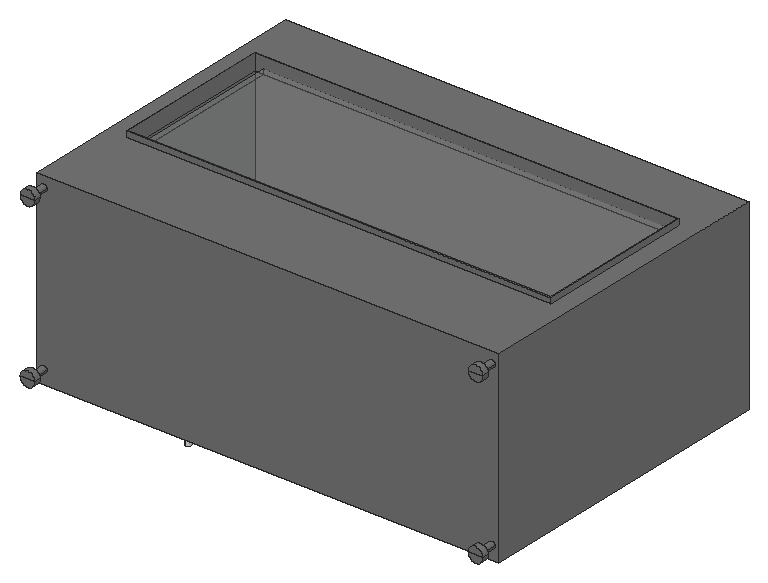
Revit family "Fireplace-Gas-Regency-City_Series_New_York_View-CV40E", category Mechanical Equipment, host Face, Revit 2026
Family settings
  Host = Face
  Round Connector Dimension = Use Diameter
  Part Type = Normal
  Classification Number = 23.40.20.34.14
  Cut with Voids When Loaded = Yes
  Maintain Annotation Orientation = No
  Shared = No
  Room Calculation Point = No
Parameters (values of type "40" Direct Vent - LP")
  Wire - 90' Cable [instance] = no
  Wire - 45' Cable [instance] = no
  Wire Harness [instance] = if(Direct Vent, "Not Required for Direct Vent", if(and([Wire - 45' Cable], [Wire - 90' Cable]), "Please Select ONE Option", if(and([Wire - 45' Cable], Power Vent), "911-250/P", if(and([Wire - 90' Cable], Power Vent), "911-251/P", "Please Select Wire Harness - REQUIRED"))))  # "Not Required for Direct Vent"
  Width = if(or(Constraints = 401, Constraints = 402, Constraints = 403, Constraints = 404), 3' 10 1/4", 6' 5 3/8")  # 3' - 10 1/4"
  Warranty URL = "https://www.regency-fire.com/en/Customer-Care/Lifetime-Warranty"
  Voltage = 120 V
  Video Link = "https://www.youtube.com/channel/UCN9QYb9SE_CXhxG_SYRAdrw"
  Version = "2017 - v1.0a"  # constant formula
  Vent Type [instance] = if(Power Vent, "Power Vent", "Direct Vent")  # "Direct Vent"
  Vent Connector Description = if(CV40E, "4” Inner / 6-5/8” Outer", "5” Inner / 8” Outer")  # "4” Inner / 6-5/8” Outer"
  Vent Centerline Height [instance] = if(or(Constraints = 401, Constraints = 402, Constraints = 403, Constraints = 404), 4' 8 1/4", 4' 7 1/4")  # 4' - 8 1/4"
  URL = "https://www.regency-fire.com/en/default.aspx"
  TV Wiring Kit (Optional) [instance] = if(TV Kit, "656-924", "OPTIONAL - None Selected")  # "OPTIONAL - None Selected"
  TV Kit [instance] = no
  Support Phone = "(224) 699-9545"  # constant formula
  Support Email = "mailto:support@anguleris.com"
  Supply Air Connection Diameter = if(CV40E, 6 5/8", 8")  # 6 5/8"
  Room Size = "Medium"  # constant formula
  Product Size = "Medium"  # constant formula
  Product Page URL = "https://www.regency-fire.com/en/Products/Gas/Designer-Gas-Fireplaces/CV40E"
  Product Name = "Regency® City Series™ New York View Gas Fireplace"  # constant formula
  Product Documentation Link = "https://assets.regency-fire.com/getattachment/305c765d-33b8-4a03-bf70-79ae824c99b0/CV40E-11-English-Manual.aspx"
  Power Vent [instance] = not(Direct Vent)  # no
  Power Factor = 0
  Phase = 1
  Performance URL = "https://www.regency-fire.com/en/Professionals/Specification-Matrices"
  Opening Width = if(or(Constraints = 401, Constraints = 402, Constraints = 403, Constraints = 404), 3' 4", 6' 0 1/8")  # 3' - 4"
  Opening Height = 1' - 3 1/16"  # constant formula
  Front Inset [instance] = 0' - 4"
  Number of Poles = 1
  Model = if(Constraints = 401, "CV40E-LP11", if(Constraints = 402, "CV40E-NG11", if(Constraints = 403, "CV40EPV-LP11", if(Constraints = 404, "CV40EPV-NG11", if(Constraints = 721, "CV72E-LP11", if(Constraints = 722, "CV72E-NG11", if(Constraints = 723, "CV72EPV-LP11", if(Constraints = 724, "CV72EPV-NG11", "Not Available"))))))))  # "CV40E-LP11"
  Minimum BTU = if(CV40E, 15500.0 Btu/h, if(or(Constraints = 721, Constraints = 723), 36000.0 Btu/h, 32000.0 Btu/h))  # 15500.0 Btu/h
  Min. Height Chase Enclosure [instance] = if(or(Constraints = 401, Constraints = 402, Constraints = 403, Constraints = 404), 5' 3", 7' 3")  # 5' - 3"
  Media - Stones, Ivory/Tan [instance] = no
  Media - Stones, Black/Gray [instance] = no
  Media - Glass, Iceberg [instance] = no
  Media - Glass, Coal [instance] = no
  Media (Optional) [instance] = if(and([Media - Glass, Coal], [Media - Glass, Iceberg], [Media - Stones, Black/Gray], [Media - Stones, Ivory/Tan]), "946-780 | 946-781 | 946-710 | 946-711", if(and([Media - Glass, Coal], [Media - Glass, Iceberg], [Media - Stones, Black/Gray]), "946-780 | 946-781 | 946-710", if(and([Media - Glass, Coal], [Media - Glass, Iceberg], [Media - Stones, Ivory/Tan]), "946-780 | 946-781 | 946-711", if(and([Media - Glass, Iceberg], [Media - Stones, Black/Gray], [Media - Stones, Ivory/Tan]), "946-781 | 946-710 | 946-711", if(and([Media - Glass, Coal], [Media - Stones, Black/Gray], [Media - Stones, Ivory/Tan]), "946-780 | 946-710 | 946-711", if(and([Media - Glass, Coal], [Media - Glass, Iceberg]), "946-780 | 946-781", if(and([Media - Glass, Coal], [Media - Stones, Black/Gray]), "946-780 | 946-710", if(and([Media - Glass, Coal], [Media - Stones, Ivory/Tan]), "946-780 | 946-711", if(and([Media - Glass, Iceberg], [Media - Stones, Black/Gray]), "946-781 | 946-710", if(and([Media - Glass, Iceberg], [Media - Stones, Ivory/Tan]), "946-781 | 946-711", if(and([Media - Stones, Black/Gray], [Media - Stones, Ivory/Tan]), "946-710 | 946-711", if([Media - Glass, Coal], "946-780", if([Media - Glass, Iceberg], "946-781", if([Media - Stones, Black/Gray], "946-710", if([Media - Stones, Ivory/Tan], "946-711", "OPTIONAL - None Selected")))))))))))))))  # "OPTIONAL - None Selected"
  Maximum BTU = if(CV40E, 28500.0 Btu/h, 46500.0 Btu/h)  # 28500.0 Btu/h
  Material = "Painted Stainless Steel"  # constant formula
  Manufacturer Phone Number = "604-946-5155"  # constant formula
  Manufacturer Fax Number = "604-946-4349"  # constant formula
  Manufacturer Email = ""
  Manufacturer Address = "6988 Venture Street, Delta British Columbia, Canada V4G 1H4"  # constant formula
  Manufacturer = "Regency Fireplace Products"  # constant formula
  Log Set (Optional) [instance] = if(and([Log - Driftwood], [Log - Birch]), "656-930/P & 656-932/P", if([Log - Driftwood], "656-930/P", if([Log - Birch], "656-932/P", "OPTIONAL - None Selected")))  # "OPTIONAL - None Selected"
  Keynote = "10300"
  Installation and Service URL = "https://www.regency-fire.com/en/Customer-Care/Fireplace-Care-Videos"
  Inner - Black Reflective Glass 15pc [instance] = no
  Inner - Reflective Black Enamel 15pc [instance] = no
  Inner - Black 7pc [instance] = no
  Inner Panels [instance] = if(and([Inner - Black 7pc], [Inner - Reflective Black Enamel 15pc]), "Please Select ONE Option", if(and([Inner - Black 7pc], [Inner - Black Reflective Glass 15pc]), "Please Select ONE Option", if(and([Inner - Reflective Black Enamel 15pc], [Inner - Black Reflective Glass 15pc]), "Please Select ONE Option", if([Inner - Black 7pc], "666-907", if([Inner - Reflective Black Enamel 15pc], "666-908", if([Inner - Black Reflective Glass 15pc], "666-906", "Please Select Panel Option - REQUIRED"))))))  # "Please Select Panel Option - REQUIRED"
  Height From Floor = 1' - 0"
  Height = if(or(Constraints = 401, Constraints = 402, Constraints = 403, Constraints = 404), 3' 1 3/8", 3' 10")  # 3' - 1 3/8"
  Heat Management (Optional) [instance] = if([Heat - Kit Adaptor], "656-995 & 946-556", "OPTIONAL - None Selected")  # "OPTIONAL - None Selected"
  Heat - Kit Adaptor [instance] = no
  Gas Type = if(or(Constraints = 401, Constraints = 403, Constraints = 721, Constraints = 723), "Propane", "Natural Gas")  # "Propane"
  Manifold Pressure Min = if(and(CV40E, C Natural Gas), "1.1” W.C.", if(and(CV40E, C Propane), "2.9” W.C.", if(and(CV72E, C Natural Gas), "1.6” W.C", if(and(CV72E, C Propane), "6.4” W.C", "N/A"))))  # "2.9” W.C."
  Manifold Pressure Max = if(and(CV40E, C Natural Gas), "3.8” W.C.", if(and(CV40E, C Propane), "10.5” W.C.", if(and(CV72E, C Natural Gas), "3.5” W.C", if(and(CV72E, C Propane), "10” W.C", "N/A"))))  # "10.5” W.C."
  Gas Supply Connection Diameter [instance] = 0' - 0 1/2"
  Frequency = 0 Hz
  Framing Width [instance] = if(or(Constraints = 401, Constraints = 402, Constraints = 403, Constraints = 404), 3' 10 3/4", 6' 6")  # 3' - 10 3/4"
  Framing Note [instance] = if(or(Constraints = 401, Constraints = 402, Constraints = 403, Constraints = 404), "A combined minimum of 120 square inches of open area is required for the convection air outlet to cool the enclosure. Ensure clearances for Convection Air Outlets are met. See clearances  in the manual as there are different methods as to how this can be achieved.", "A combined minimum of 288 square inches of open area is required for the convection air outlet to cool the enclosure. Ensure clearances for Convection Air Outlets are met. See clearances in the manual as there are different methods as to how this can be achieved.")  # "A combined minimum of 120 square inches of open area is required for the convection air outlet to cool the enclosure. Ensure clearances for Convection Air Outlets are met. See clearances  in the manual as there are different methods as to how this can be achieved."
  Framing Height [instance] = if(or(Constraints = 401, Constraints = 402, Constraints = 403, Constraints = 404), 3' 1 3/8", 4' 3")  # 3' - 1 3/8"
  Framing Depth [instance] = if(or(Constraints = 401, Constraints = 402, Constraints = 403, Constraints = 404), 1' 7", 1' 8 5/8")  # 1' - 7"
  Framing Clearance Visibility [instance] = no
  Finish = Metal - Regency - Steel - Paint, Black Metallic
  Extended View Panels (Optional) [instance] = if(Extended Panels, "656-955", "OPTIONAL - None Selected")  # "OPTIONAL - None Selected"
  Exhaust Air Connection Diameter = if(CV40E, 4", 5")  # 4"
  Extended Panels [instance] = no
  EnerGuide Rating = if(and(CV40E, C Natural Gas), "55.59%", if(and(CV40E, C Propane), "53.12%", if(and(CV72E, C Natural Gas), "51.81%", if(and(CV72E, C Propane), "60.61%", "N/A"))))  # "53.12%"
  Efficiency = if(and(CV40E, C Natural Gas), "60.02%", if(and(CV40E, C Propane), "60.68%", if(and(CV72E, C Natural Gas), "63.06%", if(and(CV72E, C Propane), "63.83%", "N/A"))))  # "60.68%"
  Log - Driftwood [instance] = no
  Direct Vent [instance] = if(or(Constraints = 401, Constraints = 402, Constraints = 721, Constraints = 722), 1 = 1, 1 = 0)  # yes
  Description = if(or(Constraints = 401, Constraints = 402, Constraints = 403, Constraints = 404), "40\" City Series New York View", "72\" City Series New York View")  # "40\" City Series New York View"
  Depth = if(or(Constraints = 401, Constraints = 402, Constraints = 403, Constraints = 404), 1' 6 11/16", 1' 8 3/8")  # 1' - 6 11/16"
  Default Elevation = C Height From Floor  # 1' - 0"
  Crystals - Starfire [instance] = no
  Crystals - Copper [instance] = no
  Crystals - Black Reflective [instance] = no
  Crystals (for Burner) [instance] = if(and([Crystals - Black Reflective], [Crystals - Starfire]), "Please Select ONE Option", if(and([Crystals - Black Reflective], [Crystals - Copper]), "Please Select ONE Option", if(and([Crystals - Copper], [Crystals - Starfire]), "Please Select ONE Option", if([Crystals - Black Reflective], "946-675", if([Crystals - Starfire], "946-677", if([Crystals - Copper], "946-676", "Please Select Crystals Option - REQUIRED"))))))  # "Please Select Crystals Option - REQUIRED"
  Copyright = "© 2019 FPI Fireplace Products International Ltd. All rights reserved."  # constant formula
  Constraints = 401
  Chase Vents (Optional) [instance] = if(and([Chase - Front Black], [Chase - Front White]), "Please Select ONE Option", if(and([Chase - Front Black], [Chase - Side Vents]), "Please Select ONE Option", if(and([Chase - Front White], [Chase - Side Vents]), "Please Select ONE Option", if([Chase - Front Black], "656-991", if([Chase - Front White], "657-991", if([Chase - Side Vents], "656-992", "OPTIONAL - None Selected"))))))  # "OPTIONAL - None Selected"
  Chase - Side Vents [instance] = no
  Chase - Front White [instance] = no
  Chase - Front Black [instance] = no
  CV72E = not(CV40E)  # no
  CV40E = if(or(Constraints = 401, Constraints = 402, Constraints = 403, Constraints = 404), 1 = 1, 1 = 0)  # yes
  C heat Wave 40 [instance] = if(and(CV40E, [Heat - Kit Adaptor]), 1 = 1, 1 = 0)  # no
  C Offset [instance] = if(Front Inset < 0' 0 1/2", 0' 0 1/2", if(Front Inset > 0' 5 1/8", 0' 5 1/8", Front Inset + 0' 0 1/2"))  # 0' - 4 1/2"
  C Natural Gas = not(C Propane)  # no
  C Height From Floor = if(Height < 0' 0", 0' 0", Height From Floor)  # 1' - 0"
  C Propane = if(or(Constraints = 401, Constraints = 403, Constraints = 721, Constraints = 723), 1 = 1, 1 = 0)  # yes
  C Heat Wave 70 [instance] = if(and(CV72E, [Heat - Kit Adaptor]), 1 = 1, 1 = 0)  # no
  C Gas Connection Width = if(CV40E, 0' 3 1/2", 0' 5")  # 0' - 3 1/2"
  C Gas Connection Inset = if(CV40E, 1' 1", 3' 0 1/4")  # 1' - 1"
  C Gas Connection Height = if(CV40E, 0' 4", 0' 3 7/8")  # 0' - 4"
  C Framing Clearance - 3.5 Inset [instance] = if(not(Framing Clearance Visibility), 1 = 0, if(C Offset < 0' 3 1/2", 1 = 1, 1 = 0))  # no
  C Framing Clearance + 3.5" Inset [instance] = if(not(Framing Clearance Visibility), 1 = 0, if(C Offset > 0' 3 1/2", 1 = 1, 1 = 0))  # no
  C Extended Void [instance] = if(C Extended, 1' 0", 0' 0")  # 0' - 0"
  C Extended [instance] = Extended Panels  # no
  C Connector Depth = if(or(Constraints = 401, Constraints = 402, Constraints = 403, Constraints = 404), 0' 11 7/16", 1' 1")  # 0' - 11 7/16"
  Log - Birch [instance] = no
  Assembly Code = "D3020"
  Apparent Load = 120 VA
Types (9): name | Wire Harness | Width | Vent Type | Vent Connector Description | Vent Centerline Height | Supply Air Connection Diameter | Product Page URL | Product Documentation Link | Power Vent | Opening Width | Front Inset | Model | Minimum BTU | Min. Height Chase Enclosure | Maximum BTU | Height From Floor | Height | Heat Management (Optional) | Heat - Kit Adaptor | Gas Type | Manifold Pressure Min | Manifold Pressure Max | Framing Width | Framing Note | Framing Height | Framing Depth | Framing Clearance Visibility | Exhaust Air Connection Diameter | EnerGuide Rating | Efficiency | Direct Vent | Description | Depth | Default Elevation | Constraints | CV72E | CV40E | C Offset | C Natural Gas | C Height From Floor | C Propane | C Heat Wave 70 | C Gas Connection Width | C Gas Connection Inset | C Gas Connection Height | C Framing Clearance - 3.5 Inset | C Framing Clearance + 3.5" Inset | C Connector Depth
  (no name) | "Not Required for Direct Vent" | 3' - 10 1/4" | "Direct Vent" | "4” Inner / 6-5/8” Outer" | 4' - 8 1/4" | 6 5/8" | "https://www.regency-fire.com/en/Products/Gas/Designer-Gas-Fireplaces/CV40E" | "https://assets.regency-fire.com/getattachment/305c765d-33b8-4a03-bf70-79ae824c99b0/CV40E-11-English-Manual.aspx" | no | 3' - 4" | 0' - 4" | "CV40E-LP11" | 15500.0 Btu/h | 5' - 3" | 28500.0 Btu/h | 1' - 0" | 3' - 1 3/8" | "OPTIONAL - None Selected" | no | "Propane" | "2.9” W.C." | "10.5” W.C." | 3' - 10 3/4" | "A combined minimum of 120 square inches of open area is required for the convection air outlet to cool the enclosure. Ensure clearances for Convection Air Outlets are met. See clearances  in the manual as there are different methods as to how this can be achieved." | 3' - 1 3/8" | 1' - 7" | no | 4" | "53.12%" | "60.68%" | yes | "40\" City Series New York View" | 1' - 6 11/16" | 1' - 0" | 401 | no | yes | 0' - 4 1/2" | no | 1' - 0" | yes | no | 0' - 3 1/2" | 1' - 1" | 0' - 4" | no | no | 0' - 11 7/16"
  72" Direct Vent - NG | "Not Required for Direct Vent" | 6' - 5 3/8" | "Direct Vent" | "5” Inner / 8” Outer" | 4' - 7 1/4" | 8" | "https://www.regency-fire.com/en/Products/Gas/Designer-Gas-Fireplaces/CV72E" | "https://assets.regency-fire.com/getattachment/73ea8cae-04c8-4fb7-aeb0-b1b2672ecf88/CV72E-11-English-Manual.aspx" | no | 6' - 0 1/8" | 0' - 0" | "CV72E-NG11" | 32000.0 Btu/h | 7' - 3" | 46500.0 Btu/h | 1' - 0" | 3' - 10" | "656-995 & 946-556" | yes | "Natural Gas" | "1.6” W.C" | "3.5” W.C" | 6' - 6" | "A combined minimum of 288 square inches of open area is required for the convection air outlet to cool the enclosure. Ensure clearances for Convection Air Outlets are met. See clearances in the manual as there are different methods as to how this can be achieved." | 4' - 3" | 1' - 8 5/8" | yes | 5" | "51.81%" | "63.06%" | yes | "72\" City Series New York View" | 1' - 8 3/8" | 1' - 0" | 722 | yes | no | 0' - 0 1/2" | yes | 1' - 0" | no | yes | 0' - 5" | 3' - 0 1/4" | 0' - 3 7/8" | yes | no | 1' - 1"
  40" Direct Vent - NG | "Not Required for Direct Vent" | 3' - 10 1/4" | "Direct Vent" | "4” Inner / 6-5/8” Outer" | 4' - 8 1/4" | 6 5/8" | "https://www.regency-fire.com/en/Products/Gas/Designer-Gas-Fireplaces/CV40E" | "https://assets.regency-fire.com/getattachment/305c765d-33b8-4a03-bf70-79ae824c99b0/CV40E-11-English-Manual.aspx" | no | 3' - 4" | 0' - 0" | "CV40E-NG11" | 15500.0 Btu/h | 5' - 3" | 28500.0 Btu/h | 1' - 0" | 3' - 1 3/8" | "OPTIONAL - None Selected" | no | "Natural Gas" | "1.1” W.C." | "3.8” W.C." | 3' - 10 3/4" | "A combined minimum of 120 square inches of open area is required for the convection air outlet to cool the enclosure. Ensure clearances for Convection Air Outlets are met. See clearances  in the manual as there are different methods as to how this can be achieved." | 3' - 1 3/8" | 1' - 7" | yes | 4" | "55.59%" | "60.02%" | yes | "40\" City Series New York View" | 1' - 6 11/16" | 1' - 0" | 402 | no | yes | 0' - 0 1/2" | yes | 1' - 0" | no | no | 0' - 3 1/2" | 1' - 1" | 0' - 4" | yes | no | 0' - 11 7/16"
  40" Power Vent - NG | "Please Select Wire Harness - REQUIRED" | 3' - 10 1/4" | "Power Vent" | "4” Inner / 6-5/8” Outer" | 4' - 8 1/4" | 6 5/8" | "https://www.regency-fire.com/en/Products/Gas/Designer-Gas-Fireplaces/CV40E" | "https://assets.regency-fire.com/getattachment/305c765d-33b8-4a03-bf70-79ae824c99b0/CV40E-11-English-Manual.aspx" | yes | 3' - 4" | 0' - 0" | "CV40EPV-NG11" | 15500.0 Btu/h | 5' - 3" | 28500.0 Btu/h | 1' - 0" | 3' - 1 3/8" | "OPTIONAL - None Selected" | no | "Natural Gas" | "1.1” W.C." | "3.8” W.C." | 3' - 10 3/4" | "A combined minimum of 120 square inches of open area is required for the convection air outlet to cool the enclosure. Ensure clearances for Convection Air Outlets are met. See clearances  in the manual as there are different methods as to how this can be achieved." | 3' - 1 3/8" | 1' - 7" | yes | 4" | "55.59%" | "60.02%" | no | "40\" City Series New York View" | 1' - 6 11/16" | 1' - 0" | 404 | no | yes | 0' - 0 1/2" | yes | 1' - 0" | no | no | 0' - 3 1/2" | 1' - 1" | 0' - 4" | yes | no | 0' - 11 7/16"
  40" Direct Vent - LP | "Not Required for Direct Vent" | 3' - 10 1/4" | "Direct Vent" | "4” Inner / 6-5/8” Outer" | 4' - 8 1/4" | 6 5/8" | "https://www.regency-fire.com/en/Products/Gas/Designer-Gas-Fireplaces/CV40E" | "https://assets.regency-fire.com/getattachment/305c765d-33b8-4a03-bf70-79ae824c99b0/CV40E-11-English-Manual.aspx" | no | 3' - 4" | 0' - 4" | "CV40E-LP11" | 15500.0 Btu/h | 5' - 3" | 28500.0 Btu/h | 1' - 0" | 3' - 1 3/8" | "OPTIONAL - None Selected" | no | "Propane" | "2.9” W.C." | "10.5” W.C." | 3' - 10 3/4" | "A combined minimum of 120 square inches of open area is required for the convection air outlet to cool the enclosure. Ensure clearances for Convection Air Outlets are met. See clearances  in the manual as there are different methods as to how this can be achieved." | 3' - 1 3/8" | 1' - 7" | no | 4" | "53.12%" | "60.68%" | yes | "40\" City Series New York View" | 1' - 6 11/16" | 1' - 0" | 401 | no | yes | 0' - 4 1/2" | no | 1' - 0" | yes | no | 0' - 3 1/2" | 1' - 1" | 0' - 4" | no | no | 0' - 11 7/16"
  40" Power Vent - LP | "Please Select Wire Harness - REQUIRED" | 3' - 10 1/4" | "Power Vent" | "4” Inner / 6-5/8” Outer" | 4' - 8 1/4" | 6 5/8" | "https://www.regency-fire.com/en/Products/Gas/Designer-Gas-Fireplaces/CV40E" | "https://assets.regency-fire.com/getattachment/305c765d-33b8-4a03-bf70-79ae824c99b0/CV40E-11-English-Manual.aspx" | yes | 3' - 4" | 0' - 2" | "CV40EPV-LP11" | 15500.0 Btu/h | 5' - 3" | 28500.0 Btu/h | 0' - 0" | 3' - 1 3/8" | "OPTIONAL - None Selected" | no | "Propane" | "2.9” W.C." | "10.5” W.C." | 3' - 10 3/4" | "A combined minimum of 120 square inches of open area is required for the convection air outlet to cool the enclosure. Ensure clearances for Convection Air Outlets are met. See clearances  in the manual as there are different methods as to how this can be achieved." | 3' - 1 3/8" | 1' - 7" | yes | 4" | "53.12%" | "60.68%" | no | "40\" City Series New York View" | 1' - 6 11/16" | 0' - 0" | 403 | no | yes | 0' - 2 1/2" | no | 0' - 0" | yes | no | 0' - 3 1/2" | 1' - 1" | 0' - 4" | yes | no | 0' - 11 7/16"
  72" Direct Vent - LP | "Not Required for Direct Vent" | 6' - 5 3/8" | "Direct Vent" | "5” Inner / 8” Outer" | 4' - 7 1/4" | 8" | "https://www.regency-fire.com/en/Products/Gas/Designer-Gas-Fireplaces/CV72E" | "https://assets.regency-fire.com/getattachment/73ea8cae-04c8-4fb7-aeb0-b1b2672ecf88/CV72E-11-English-Manual.aspx" | no | 6' - 0 1/8" | 0' - 4" | "CV72E-LP11" | 36000.0 Btu/h | 7' - 3" | 46500.0 Btu/h | 1' - 0" | 3' - 10" | "OPTIONAL - None Selected" | no | "Propane" | "6.4” W.C" | "10” W.C" | 6' - 6" | "A combined minimum of 288 square inches of open area is required for the convection air outlet to cool the enclosure. Ensure clearances for Convection Air Outlets are met. See clearances in the manual as there are different methods as to how this can be achieved." | 4' - 3" | 1' - 8 5/8" | yes | 5" | "60.61%" | "63.83%" | yes | "72\" City Series New York View" | 1' - 8 3/8" | 1' - 0" | 721 | yes | no | 0' - 4 1/2" | no | 1' - 0" | yes | no | 0' - 5" | 3' - 0 1/4" | 0' - 3 7/8" | no | yes | 1' - 1"
  72" Power Vent - LP | "Please Select Wire Harness - REQUIRED" | 6' - 5 3/8" | "Power Vent" | "5” Inner / 8” Outer" | 4' - 7 1/4" | 8" | "https://www.regency-fire.com/en/Products/Gas/Designer-Gas-Fireplaces/CV72E" | "https://assets.regency-fire.com/getattachment/73ea8cae-04c8-4fb7-aeb0-b1b2672ecf88/CV72E-11-English-Manual.aspx" | yes | 6' - 0 1/8" | 0' - 0" | "CV72EPV-LP11" | 36000.0 Btu/h | 7' - 3" | 46500.0 Btu/h | 1' - 0" | 3' - 10" | "OPTIONAL - None Selected" | no | "Propane" | "6.4” W.C" | "10” W.C" | 6' - 6" | "A combined minimum of 288 square inches of open area is required for the convection air outlet to cool the enclosure. Ensure clearances for Convection Air Outlets are met. See clearances in the manual as there are different methods as to how this can be achieved." | 4' - 3" | 1' - 8 5/8" | yes | 5" | "60.61%" | "63.83%" | no | "72\" City Series New York View" | 1' - 8 3/8" | 1' - 0" | 723 | yes | no | 0' - 0 1/2" | no | 1' - 0" | yes | no | 0' - 5" | 3' - 0 1/4" | 0' - 3 7/8" | yes | no | 1' - 1"
  72" Power Vent - NG | "Please Select Wire Harness - REQUIRED" | 6' - 5 3/8" | "Power Vent" | "5” Inner / 8” Outer" | 4' - 7 1/4" | 8" | "https://www.regency-fire.com/en/Products/Gas/Designer-Gas-Fireplaces/CV72E" | "https://assets.regency-fire.com/getattachment/73ea8cae-04c8-4fb7-aeb0-b1b2672ecf88/CV72E-11-English-Manual.aspx" | yes | 6' - 0 1/8" | 0' - 0" | "CV72EPV-NG11" | 32000.0 Btu/h | 7' - 3" | 46500.0 Btu/h | 1' - 0" | 3' - 10" | "OPTIONAL - None Selected" | no | "Natural Gas" | "1.6” W.C" | "3.5” W.C" | 6' - 6" | "A combined minimum of 288 square inches of open area is required for the convection air outlet to cool the enclosure. Ensure clearances for Convection Air Outlets are met. See clearances in the manual as there are different methods as to how this can be achieved." | 4' - 3" | 1' - 8 5/8" | yes | 5" | "51.81%" | "63.06%" | no | "72\" City Series New York View" | 1' - 8 3/8" | 1' - 0" | 724 | yes | no | 0' - 0 1/2" | yes | 1' - 0" | no | no | 0' - 5" | 3' - 0 1/4" | 0' - 3 7/8" | yes | no | 1' - 1"
Reference planes (in)
  plane 1 "Center (Front/Back)": y = -4.24008
  plane 2: z = 0
  plane 3 "Center (Left/Right)": x = 0
  plane 4 "Left": x = -20
  plane 5 "Right": x = 20
  plane 6: y = 3.29117
  plane 7: y = -11.77133
  plane 8 "Back": z = -23.1875
  plane 9 "OFFSET": z = -4.5
  plane 10: z = -20.46683
  plane 11: y = -22.0161
  plane 12: y = 15.3589
  plane 13: x = -23.125
  plane 14: x = 23.125
  plane 15: y = -34.0161
  plane 16 "Connector Vent": z = -15.9375
  plane 17: x = -21.125
  plane 18: x = 21.125
  plane 19: z = -5.5272
  plane 20: z = -20.8487
  plane 21: x = -10.125
  plane 22: y = -18.0161
  plane 23: y = -20.0161
  plane 24 "Center Vertical Gas": y = -19.0161
  plane 25: x = -6.625
  plane 26 "Center Horizontal Gas": x = -8.375
  plane 27 "Gas Connector": z = -22.14228
  plane 28: z = -7.8125
Forms (in)
  Extrusion 1, solid, material "Glass - Regency - Tempered - Clear"
    sketch origin (0, 0, 0) x (1, 0, 0) y (0, 1, 0)
      loop
        line (-19.11355, 3.29117) -> (-19.11355, -10.95477) -> (19.13355, -10.95477) -> (19.13355, 3.29117) -> (-19.11355, 3.29117)
    from -5.5272 to -5.0385
  Extrusion 2, void
    sketch origin (0, 0, 0) x (0, 1, 0) y (0, 0, 1)
      loop
        line (3.29117, -20.46683) -> (3.29117, 1) -> (-11.77133, 1) -> (-11.77133, -20.46683) -> (3.29117, -20.46683)
    from -20 to 20
  Extrusion 3, void
    sketch origin (0, 0, 0) x (0, 1, 0) y (0, 0, 1)
      loop
        line (17.9507, -4.5) -> (-23.4243, -4.5) -> (-23.4243, -23.1875) -> (17.9507, -23.1875) -> (17.9507, -4.5)
    from -23.125 to 23.125
  Revolve 4, solid, material "Metal - Regency - Steel - Paint, Black Metallic"
    sketch origin (-66.9375, -180, -15.9375) x (-1, 0, 0) y (0, -1, 0)
      loop
        line (-66.9375, -195.3589) -> (-64.44, -195.3589) -> (-64.44, -193.90523) -> (-62.94, -193.90523) -> (-62.94, -192.6678) -> (-66.9375, -192.6678) -> (-66.9375, -195.3589)
      axis (-66.9375, -195.3589) -> (-66.9375, -192.6678)
    angle from 0 to 360
  Extrusion 5, solid, material "Metal - Regency - Steel - Paint, Black Metallic", visible <- "CV72E"
    sketch origin (0, 0, 0) x (1, 0, 0) y (0, 1, 0)
      loop
        line (-22.25, 12.6678) -> (-22.25, -21.2061) -> (22.255, -21.2061) -> (22.255, 12.6678) -> (-22.25, 12.6678)
    from -22.14228 to -4.5
  Extrusion 6, void
    sketch origin (0, 0, 0) x (1, 0, 0) y (0, 1, 0)
      loop
        line (-20, 3.29117) -> (-20, -11.77133) -> (20, -11.77133) -> (20, 3.29117) -> (-20, 3.29117)
    from -20.46683 to -4.5
  Revolve 7, solid, material "Metal - Regency - Steel - Paint, Black Metallic"
    sketch origin (0, -21.2061, -5.5272) x (0, 1, 0) y (-1, 0, 0)
      loop
        line (-0.81, -21.125) -> (-0.81, -21.8175) -> (-0.2357, -21.8175) -> (-0.2357, -21.455) -> (-0.1507, -21.455) -> (-0.1507, -21.41852) -> (1.08897, -21.41852) -> (1.08897, -21.125) -> (-0.81, -21.125)
      axis (-0.81, -21.125) -> (1.08897, -21.125)
    angle from 0 to 360
  Revolve 8, solid, material "Metal - Regency - Steel - Paint, Black Metallic"
    sketch origin (0, -21.2061, -5.5272) x (0, 1, 0) y (-1, 0, 0)
      loop
        line (-0.81, 21.125) -> (1.08897, 21.125) -> (1.08897, 21.41852) -> (-0.1507, 21.41852) -> (-0.1507, 21.455) -> (-0.2357, 21.455) -> (-0.2357, 21.8175) -> (-0.81, 21.8175) -> (-0.81, 21.125)
      axis (-0.81, 21.125) -> (1.08897, 21.125)
    angle from 0 to 360
  Revolve 9, solid, material "Metal - Regency - Steel - Paint, Black Metallic"
    sketch origin (0, -21.3568, -20.8487) x (0, 1, 0) y (-1, 0, 0)
      loop
        line (-0.6593, 21.125) -> (1.23967, 21.125) -> (1.23967, 21.41852) -> (0, 21.41852) -> (0, 21.455) -> (-0.085, 21.455) -> (-0.085, 21.8175) -> (-0.6593, 21.8175) -> (-0.6593, 21.125)
      axis (-0.6593, 21.125) -> (1.23967, 21.125)
    angle from 0 to 360
  Revolve 10, solid, material "Metal - Regency - Steel - Paint, Black Metallic"
    sketch origin (0, -21.3568, -20.8487) x (0, 1, 0) y (-1, 0, 0)
      loop
        line (-0.6593, -21.125) -> (-0.6593, -21.8175) -> (-0.085, -21.8175) -> (-0.085, -21.455) -> (0, -21.455) -> (0, -21.41852) -> (1.23967, -21.41852) -> (1.23967, -21.125) -> (-0.6593, -21.125)
      axis (-0.6593, -21.125) -> (1.23967, -21.125)
    angle from 0 to 360
  Extrusion 11, solid, material "Metal - Regency - Steel - Paint, Black Metallic", visible <- "CV40E"
    sketch origin (0, 0, 0) x (1, 0, 0) y (0, 1, 0)
      loop
        line (-21.78341, -20.11713) -> (21.78321, -20.11713) -> (21.78321, 9.26757) -> (-21.78341, 9.26757) -> (-21.78341, -20.11713)
    from -22.125 to -4.5
  Extrusion 12, solid, material "Metal - Regency - Steel - Paint, Black Metallic", visible <- "CV40E"
    sketch origin (0, 0, 0) x (1, 0, 0) y (0, 1, 0)
      loop
        line (8.11202, 12.6678) -> (-8.26136, 12.6678) -> (-8.26136, 9.26757) -> (8.11202, 9.26757) -> (8.11202, 12.6678)
    from -11.54004 to -22.14228
  Extrusion 13, solid, material "Glass - Regency - Tempered - Black", visible <- "C Extended"
    sketch origin (0, 0, 0) x (1, 0, 0) y (0, 1, 0)
      loop
        line (-20, 3.29117) -> (-32, 3.29117) -> (-32, -11.77133) -> (-20, -11.77133) -> (-20, 3.29117)
      loop
        line (20, 3.29117) -> (20, -11.77133) -> (32, -11.77133) -> (32, 3.29117) -> (20, 3.29117)
    from -4 to -4.5
  Extrusion 14, void
    sketch origin (0, 0, 0) x (1, 0, 0) y (0, 1, 0)
      loop
        line (-20, 3.29117) -> (-20, -11.77133) -> (-19.11355, -11.77133) -> (-19.11355, 3.29117) -> (-20, 3.29117)
      loop
        line (20, 3.29117) -> (19.13355, 3.29117) -> (19.13355, -11.77133) -> (20, -11.77133) -> (20, 3.29117)
    from -4.5 to 0
  Extrusion 15, solid, material "Metal - Regency - Steel - Paint, Black Metallic"
    sketch origin (0, -4.24008, 0) x (1, 0, 0) y (0, 0, 1)
      loop
        line (-12.25, -18.46683) -> (12.75, -18.46683) -> (12.75, -15.46683) -> (-12.25, -15.46683) -> (-12.25, -18.46683)
    from 7.18538 to 7.53125
  Extrusion 16, solid, material "Metal - Regency - Steel - Paint, Black Metallic"
    sketch origin (0, -4.24008, 0) x (1, 0, 0) y (0, 0, 1)
      loop
        line (-12.75, -15) -> (-12.75, -19.00586) -> (13.25, -19.00586) -> (13.25, -15) -> (-12.75, -15)
      loop
        line (-15, -20.46683) -> (15, -20.46683) -> (15, -12.75) -> (-15, -12.75) -> (-15, -20.46683)
    from 7.18538 to 7.53125
  Extrusion 17, solid
    sketch origin (0, 0, -22.14228) x (0, 1, 0) y (-1, 0, 0)
      loop
        circle (-19.0161, 8.375) r 0.25
    from -1.04522 to 0
  Extrusion 18, solid, material "Glass - Regency - Tempered - Clear", visible <- "C Extended"
    sketch origin (0, 0, -3.8125) x (1, 0, 0) y (0, 1, 0)
      loop
        line (20, 3.29117) -> (-20, 3.29117) -> (-20, -11.77133) -> (20, -11.77133) -> (20, 3.29117)
    from -4 to -4.3216
  Extrusion 19, solid, material "Metal - Regency - Steel - Paint, Black Metallic"
    sketch origin (0, 0, -22.14228) x (0, 1, 0) y (-1, 0, 0)
      loop
        line (-11.77133, -20) -> (3.29117, -20) -> (3.29117, 20) -> (-11.77133, 20) -> (-11.77133, -20)
      loop
        line (-11.72837, 19.95703) -> (-11.72837, -19.95703) -> (3.2482, -19.95703) -> (3.2482, 19.95703) -> (-11.72837, 19.95703)
    from 16.61507 to 18.14228
  Extrusion 20, solid, material "Clearances - Regency", visible <- "Framing Clearance Visibility"
    sketch origin (-0.25398, 0.3337, 0) x (1, 0, 0) y (0, 1, 0)
      loop
        line (-23.12102, 40.6502) -> (-23.12102, -22.3498) -> (23.62898, -22.3498) -> (23.62898, 40.6502) -> (-23.12102, 40.6502)
    from -23.5 to -4
  Extrusion 21, solid, material "Clearances - Regency", visible <- "C Framing Clearance - 3.5 Inset"
    sketch origin (0, 0, 0) x (0, 1, 0) y (0, 0, 1)
      loop
        line (15.3589, -4.5) -> (15.3589, -6) -> (18.8589, -6) -> (18.8589, -8) -> (20.3589, -8) -> (20.3589, -4.5) -> (18.8589, -4.5) -> (15.3589, -4.5)
    from -23.375 to 23.375
  Sweep 22, solid, material "Clearances - Regency", visible <- "Framing Clearance Visibility"
    path origin (0, 0, 0) x (0, 1, 0) y (0, 0, 1)
      loop
        line (34.2339, -23.1875) -> (34.2339, -20.40355)
        arc (34.2339, -20.40355) -> (32.92582, -17.24558) -> (29.76785, -15.9375) r 4.46605
        line (29.76785, -15.9375) -> (12.6678, -15.9375)
    profile origin (0, 21.21782, -15.9375) x (0, 0, -1) y (1, 0, 0)
      loop
        circle (0, 0) r 3.3125
  Extrusion 23, solid, material "Clearances - Regency", visible <- "C Framing Clearance + 3.5" Inset"
    sketch origin (0, -9, 0) x (0, 1, 0) y (0, 0, 1)
      loop
        line (12.29117, -0.5) -> (12.29117, -4) -> (13.79117, -4) -> (13.79117, -0.5) -> (12.29117, -0.5)
    from -23.375 to 23.375
  Extrusion 24, solid, material "Clearances - Regency", visible <- "C Heat Wave 70"
    sketch origin (0, -4.24008, 0) x (1, 0, 0) y (0, 0, 1)
      loop
        circle (13.21878, -18.15325) r 3.01122
      loop
        circle (-13.46878, -18.15325) r 3.01122
    from -17.50578 to -16.90789
  Extrusion 25, solid, material "Clearances - Regency", visible <- "C heat Wave 40"
    sketch origin (0, -4.24008, 0) x (1, 0, 0) y (0, 0, 1)
      loop
        line (8.12901, -22.14228) -> (20, -22.14228) -> (20, -18.46683) -> (8.12901, -18.46683) -> (8.12901, -22.14228)
      loop
        line (-8.12901, -22.14228) -> (-8.12901, -18.46683) -> (-20, -18.46683) -> (-20, -22.14228) -> (-8.12901, -22.14228)
    from -13.99664 to -13.50765
Cuts and joins
  Extrusion 6 cuts Extrusion 5
  Extrusion 6 cuts Extrusion 11
Lines and regions (in)
  reference lines
    curve 1: line (0, 34.2339, -15.9375) -> (0, 34.2339, -27.44786)
  model lines, style "Clearance", visible <- "Framing Clearance Visibility"
    curve 2: line (0, 34.2339, -17.1875) -> (0, 34.2339, -23.1875)
    curve 3: line (-23.375, -22.0161, -4) -> (23.375, -22.0161, -4)
    curve 4: line (23.375, -22.0161, -23.5) -> (-23.375, -22.0161, -23.5)
    curve 5: line (23.375, 40.9839, -4) -> (-23.375, 40.9839, -4)
    curve 6: line (23.375, -22.0161, -4) -> (23.375, -22.0161, -23.5)
    curve 7: line (-23.375, 40.9839, -4) -> (-23.375, 40.9839, -23.5)
    curve 8: line (-23.375, -22.0161, -4) -> (-23.375, -22.0161, -23.5625)
    curve 9: line (-23.375, -22.1411, -4) -> (-23.375, 40.9839, -4)
    curve 10: line (23.375, -22.0161, -4) -> (23.375, 40.9839, -4)
    curve 11: line (23.375, -22.0161, -23.5) -> (23.375, 40.9839, -23.5)
    curve 12: line (-23.375, -22.0161, -23.5) -> (-23.375, 39.98197, -23.5)
    curve 13: line (23.375, 40.9839, -23.5) -> (-23.375, 40.9839, -23.5)
    curve 14: line (23.375, 40.9839, -4) -> (23.375, 40.9839, -23.5)
    curve 32: line (0, 32.9839, -15.9375) -> (0, 12.6678, -15.9375)
    curve 33: arc (0, 34.2339, -17.1875) -> (0, 33.86778, -16.30362) -> (0, 32.9839, -15.9375) r 1.25
    curve 38: line (0, 32.9839, -15.9375) -> (0, 12.6678, -15.9375)
    curve 39: arc (0, 34.2339, -17.1875) -> (0, 33.86778, -16.30362) -> (0, 32.9839, -15.9375) r 1.25
  model lines, style "Clearance", visible <- "C Framing Clearance - 3.5 Inset"
    curve 15: line (23.375, 15.3589, -4.5) -> (23.375, 20.3589, -4.5)
    curve 16: line (23.375, 20.3589, -4.5) -> (23.375, 20.3589, -8)
    curve 17: line (23.375, 20.3589, -8) -> (23.375, 18.8589, -8)
    curve 18: line (23.375, 18.8589, -8) -> (23.375, 18.8589, -6)
    curve 19: line (23.375, 18.8589, -6) -> (23.375, 15.3589, -6)
    curve 20: line (23.375, 18.8589, -6) -> (23.375, 18.8589, -4.5)
    curve 21: line (23.375, 18.8589, -4.5) -> (23.375, 15.3589, -6)
    curve 22: line (23.375, 15.3589, -4.5) -> (23.375, 18.8589, -6)
    curve 23: line (23.375, 18.8589, -8) -> (23.375, 20.3589, -4.5)
    curve 24: line (23.375, 18.8589, -4.5) -> (23.375, 20.3589, -8)
    curve 25: line (23.375, 18.8589, -4.5) -> (-23.375, 18.8589, -4.5)
    curve 26: line (-23.375, 18.8589, -6) -> (-23.375, 18.8589, -4.5)
    curve 27: line (-23.375, 18.8589, -4.5) -> (-23.375, 18.8589, -8)
    curve 28: line (-23.375, 18.8589, -8) -> (-23.375, 20.3589, -4.5)
    curve 29: line (-23.375, 20.3589, -8) -> (-23.375, 18.8589, -4.5)
    curve 30: line (-23.375, 18.8589, -4.5) -> (-23.375, 15.3589, -6)
    curve 31: line (-23.375, 18.8589, -6) -> (-23.375, 15.3589, -4.5)
  model lines, style "Clearance", visible <- "C Framing Clearance + 3.5" Inset"
    curve 34: line (23.375, -5.33383, -4) -> (23.375, -3.83383, -4.5)
    curve 35: line (23.375, -5.33383, -4.5) -> (23.375, -3.83383, -4)
    curve 36: line (-23.375, -5.33383, -4) -> (-23.375, -3.83383, -4.5)
    curve 37: line (-23.375, -3.83383, -4) -> (-23.375, -5.33383, -4.5)
Dimensions and locks (in)
  "Opening Width": plane 4 "Left" to plane 5 "Right"
  equal spacing: plane 6, plane 1 "Center (Front/Back)", plane 7, locked at 7.53125 each
  equal spacing: plane 4 "Left", plane 3 "Center (Left/Right)", plane 5 "Right"
  locked: plane 9 "OFFSET" to Extrusion 1 at 0.5385
  "C Offset": plane 2 to plane 9 "OFFSET"
  "Depth": plane 9 "OFFSET" to plane 8 "Back"
  locked: plane 10 to plane 8 "Back" at 2.72067
  "Height": plane 12 to plane 11
  equal spacing: plane 13, plane 3 "Center (Left/Right)", plane 14
  "Width": plane 13 to plane 14
  "Default Elevation": plane 11 to plane 15
  locked: plane 1 "Center (Front/Back)" to plane 11 at 17.77601
  "Opening Height": plane 6 to plane 7
  plane 12 to Revolve 4 sketch curve to Revolve 4 sketch curve = 0' - 1.45367" locked, 0' - 1.23743" locked
  Revolve 4 sketch curve to Revolve 4 sketch curve to plane 3 "Center (Left/Right)" = 0' - 1 1/2" locked, 0' - 2.4975" locked
  "C Connector Depth": plane 9 "OFFSET" to plane 16 "Connector Vent"
  locked: Extrusion 1 sketch curve to plane 7 at 0.81656
  locked: Extrusion 1 sketch curve to plane 5 "Right" at 0.86645
  locked: plane 4 "Left" to Extrusion 1 sketch curve at 0.88645
  locked: plane 12 to Extrusion 5 sketch curve at 2.6911
  locked: Extrusion 5 sketch curve to plane 11 at 0.81
  locked: plane 13 to Extrusion 5 sketch curve at 0.875
  locked: Extrusion 5 sketch curve to plane 14 at 0.87
  locked: Extrusion 5 to plane 8 "Back" at 1.04522
  locked: plane 13 to plane 17 at 2
  locked: plane 14 to plane 18 at 2
  plane 18 to Revolve 7 sketch curve to Revolve 7 sketch curve to Revolve 7 sketch curve to Revolve 7 sketch curve = 0' - 0" locked, 0' - 0.29352" locked, 0' - 0.03647" locked, 0' - 0.3625" locked
  Revolve 7 sketch curve to Revolve 7 sketch curve to Revolve 7 sketch curve to plane 11 = 0' - 1.23967" locked, 0' - 0.085" locked, 0' - 0.5743" locked
  plane 2 to plane 19 = 0' - 5.5272"
  locked: plane 20 to plane 8 "Back" at 2.3388
  Revolve 8 sketch curve to Revolve 8 sketch curve to Revolve 8 sketch curve to Revolve 8 sketch curve = 0' - 0.3625" locked, 0' - 0.03647" locked, 0' - 0.29352" locked
  Revolve 8 sketch curve to Revolve 8 sketch curve to Revolve 8 sketch curve = 0' - 1.23967" locked, 0' - 0.085" locked
  Revolve 9 sketch curve to Revolve 9 sketch curve to Revolve 9 sketch curve to Revolve 9 sketch curve to plane 17 = 0' - 0.3625" locked, 0' - 0.03647" locked, 0' - 0.29352" locked, 0' - 0" locked
  Revolve 9 sketch curve to Revolve 9 sketch curve to Revolve 9 sketch curve to plane 11 = 0' - 1.23967" locked, 0' - 0.085" locked, 0' - 0.5743" locked
  Revolve 10 sketch curve to Revolve 10 sketch curve to Revolve 10 sketch curve to Revolve 10 sketch curve = 0' - 0.29352" locked, 0' - 0.03647" locked, 0' - 0.3625" locked
  Revolve 10 sketch curve to Revolve 10 sketch curve to Revolve 10 sketch curve = 0' - 1.23967" locked, 0' - 0.085" locked
  Extrusion 11 sketch curve to plane 1 "Center (Front/Back)" to Extrusion 11 sketch curve = 1' - 3.87705" locked, 1' - 1.50765" locked
  Extrusion 11 sketch curve to plane 3 "Center (Left/Right)" to Extrusion 11 sketch curve = 1' - 9.78341" locked, 1' - 9.78321" locked
  locked: plane 9 "OFFSET" to Extrusion 11 at 17.625
  plane 1 "Center (Front/Back)" to Extrusion 12 sketch curve to Extrusion 12 sketch curve = 1' - 1.50765" locked, 0' - 3.40023" locked
  Extrusion 12 sketch curve to plane 3 "Center (Left/Right)" to Extrusion 12 sketch curve = 0' - 8.26136" locked, 0' - 8.11202" locked
  Extrusion 12 to plane 16 "Connector Vent" to Extrusion 12 = 0' - 6.20478" locked, 0' - 4.39746" locked
  locked: Extrusion 13 sketch curve to plane 4 "Left" at 12
  locked: plane 5 "Right" to Extrusion 13 sketch curve at 12
  "C Extended Void": Extrusion 14 sketch curve to plane 4 "Left"
  "C Extended Void": plane 5 "Right" to Extrusion 14 sketch curve
  locked: plane 4 "Left" to Extrusion 14 sketch curve at 0.88645
  locked: Extrusion 14 sketch curve to plane 5 "Right" at 0.86645
  locked: plane 5 "Right" to Extrusion 15 sketch curve at 7.25
  locked: Extrusion 15 sketch curve to plane 4 "Left" at 7.75
  locked: Extrusion 15 sketch curve to plane 10 at 2
  locked: Extrusion 15 sketch curve to plane 10 at 5
  locked: Extrusion 16 sketch curve to plane 4 "Left" at 7.25
  locked: plane 5 "Right" to Extrusion 16 sketch curve at 6.75
  Extrusion 16 sketch curve to Extrusion 16 sketch curve to Extrusion 16 sketch curve to plane 10 = 0' - 2 1/4" locked, 0' - 4.00586" locked, 0' - 1.46097" locked
  locked: Extrusion 16 sketch curve to plane 4 "Left" at 5
  locked: plane 5 "Right" to Extrusion 16 sketch curve at 5
  Extrusion 16 to Extrusion 15 to plane 7 = 0' - 0" locked, 0' - 0.34587" locked
  Extrusion 14 to plane 2 to Extrusion 14 = 0' - 0" locked, 0' - 4 1/2"
  "C Gas Connection Inset": plane 13 to plane 21
  "C Gas Connection Height": plane 22 to plane 11
  locked: plane 22 to plane 23 at 2
  equal spacing: plane 22, plane 24 "Center Vertical Gas", plane 23, locked at 1 each
  "C Gas Connection Width": plane 21 to plane 25
  equal spacing: plane 21, plane 26 "Center Horizontal Gas", plane 25
  locked: plane 27 "Gas Connector" to plane 8 "Back" at 1.04522
  locked: plane 24 "Center Vertical Gas" to Extrusion 17 sketch curve at 0.25
  locked: plane 26 "Center Horizontal Gas" to Extrusion 17 sketch curve at 0.25
  locked: plane 9 "OFFSET" to plane 28 at 3.3125
  locked: plane 28 to Extrusion 18 at 0.3216
  locked: Extrusion 19 sketch curve to plane 5 "Right" at 0.04297
  locked: Extrusion 19 sketch curve to plane 7 at 0.04297
  locked: plane 4 "Left" to Extrusion 19 sketch curve at 0.04297
  locked: plane 6 to Extrusion 19 sketch curve at 0.04297
  locked: plane 9 "OFFSET" to plane 19 at 1.0272
  locked: plane 9 "OFFSET" to Extrusion 19 at 1.0272
  locked: Extrusion 19 to plane 9 "OFFSET" at 0.5
  locked: Extrusion 13 to plane 9 "OFFSET" at 0.5  (x2)
  equal spacing: Extrusion 20 sketch curve, plane 3 "Center (Left/Right)", Extrusion 20 sketch curve
  "Min. Height Chase Enclosure": Extrusion 20 sketch curve to plane 11
  locked: Extrusion 20 to plane 9 "OFFSET" at 0.5
  "Framing Width": Extrusion 20 sketch curve to Extrusion 20 sketch curve
  "Framing Depth": plane 9 "OFFSET" to Extrusion 20
  "Vent Centerline Height": curve 1 to plane 11
  equal spacing: Extrusion 21, plane 3 "Center (Left/Right)", Extrusion 21
  "Framing Width": Extrusion 21 to Extrusion 21
  Extrusion 23 to Extrusion 23 = 3' - 10 3/4"
  "Framing Width": Extrusion 23 to Extrusion 23
  level to Extrusion 23 sketch curve to Extrusion 23 sketch curve = 0' - 0 1/2" locked, 0' - 3 1/2" locked
  locked: Extrusion 24 to cut or joined group of Extrusion 5, Extrusion 6 at 0.59789
  Extrusion 24 sketch curve to plane 3 "Center (Left/Right)" to Extrusion 24 sketch curve = 0' - 10.20756" locked, 0' - 10.45756" locked
  Extrusion 25 sketch curve to Extrusion 25 sketch curve to plane 3 "Center (Left/Right)" to Extrusion 25 sketch curve to Extrusion 25 sketch curve = 0' - 11.87099" locked, 0' - 8.12901" locked, 0' - 8.12901" locked, 0' - 11.87099" locked
  Extrusion 25 sketch curve to Extrusion 25 sketch curve to plane 27 "Gas Connector" = 0' - 0" locked, 0' - 3.67544" locked
  locked: plane 1 "Center (Front/Back)" to Extrusion 25 at 13.99664
  "Supply Air Connection Diameter": diameter of Sweep 22 sketch curve
  aligned and locked: host face to plane 2
  aligned and locked: Extrusion 1 sketch curve to plane 6
  aligned and locked: Extrusion 2 sketch curve to plane 6
  aligned and locked: plane 7 to Extrusion 2 sketch curve
  aligned and locked: Extrusion 2 sketch curve to plane 10
  aligned and locked: plane 8 "Back" to Extrusion 3 sketch curve
  aligned and locked: plane 9 "OFFSET" to Extrusion 3 sketch curve
  aligned and locked: Extrusion 2 to plane 4 "Left"
  aligned and locked: plane 5 "Right" to Extrusion 2
  aligned and locked: Revolve 4 sketch curve to plane 3 "Center (Left/Right)"  (x2)
  aligned and locked: plane 12 to Revolve 4 sketch curve
  aligned and locked: Extrusion 5 to plane 9 "OFFSET"
  aligned and locked: Extrusion 6 sketch curve to plane 5 "Right"
  aligned and locked: Extrusion 6 sketch curve to plane 6
  aligned and locked: plane 4 "Left" to Extrusion 6 sketch curve
  aligned and locked: plane 10 to Extrusion 6
  aligned and locked: cut or joined group of Extrusion 5, Extrusion 6 to plane 9 "OFFSET"
  aligned and locked: Revolve 7 sketch curve to plane 18
  aligned and locked: Revolve 7 sketch curve to plane 11
  aligned and locked: plane 9 "OFFSET" to Extrusion 11
  aligned and locked: plane 4 "Left" to Extrusion 13 sketch curve
  aligned and locked: plane 6 to Extrusion 13 sketch curve
  aligned and locked: Extrusion 13 sketch curve to plane 7
  aligned and locked: Extrusion 13 sketch curve to plane 6
  aligned and locked: plane 7 to Extrusion 13 sketch curve
  aligned and locked: plane 5 "Right" to Extrusion 13 sketch curve
  aligned and locked: plane 7 to Extrusion 14 sketch curve
  aligned and locked: Extrusion 14 sketch curve to plane 7
  aligned and locked: Extrusion 14 sketch curve to plane 6
  aligned and locked: plane 6 to Extrusion 14 sketch curve
  aligned and locked: Extrusion 3 to plane 13
  aligned and locked: plane 14 to Extrusion 3
  aligned and locked: Extrusion 16 sketch curve to plane 10
  aligned and locked: Extrusion 15 to plane 7
  aligned and locked: Extrusion 17 to plane 8 "Back"
  aligned and locked: plane 28 to Extrusion 18
  aligned and locked: Extrusion 18 sketch curve to plane 4 "Left"
  aligned and locked: plane 5 "Right" to Extrusion 18 sketch curve
  aligned and locked: plane 6 to Extrusion 18 sketch curve
  aligned and locked: Extrusion 18 sketch curve to plane 7
  aligned and locked: Extrusion 19 sketch curve to plane 6
  aligned and locked: plane 7 to Extrusion 19 sketch curve
  aligned and locked: plane 4 "Left" to Extrusion 19 sketch curve
  aligned and locked: Extrusion 19 sketch curve to plane 5 "Right"
  aligned and locked: Extrusion 14 to plane 9 "OFFSET"
  aligned and locked: Extrusion 1 to plane 19
  aligned and locked: plane 27 "Gas Connector" to Extrusion 17
  aligned and locked: plane 9 "OFFSET" to Extrusion 13
  aligned and locked: plane 16 "Connector Vent" to curve 1
  aligned and locked: plane 8 "Back" to curve 2
  aligned and locked: curve 12 to Extrusion 20
  aligned and locked: curve 11 to Extrusion 20
  aligned and locked: Extrusion 20 to curve 12
  aligned and locked: curve 9 to Extrusion 20
  aligned and locked: curve 3 to Extrusion 20
  aligned and locked: curve 10 to Extrusion 20
  aligned and locked: Extrusion 20 to curve 6  (x2)
  aligned and locked: curve 6 to Extrusion 20
  aligned and locked: Extrusion 20 to curve 13
  aligned and locked: curve 13 to Extrusion 20
  aligned and locked: Extrusion 20 to curve 7  (x2)
  aligned and locked: curve 7 to Extrusion 20
  aligned and locked: curve 14 to Extrusion 20
  aligned and locked: plane 11 to Extrusion 20 sketch curve
  aligned and locked: curve 5 to Extrusion 20
  aligned and locked: Extrusion 23 sketch curve to plane 6
  aligned and locked: Extrusion 23 to Extrusion 21
  aligned and locked: Extrusion 21 to Extrusion 23
  aligned and locked: Extrusion 24 to cut or joined group of Extrusion 5, Extrusion 6
  aligned and locked: plane 27 "Gas Connector" to Extrusion 25 sketch curve
  aligned and locked: curve 1 to curve 39
  aligned and locked: curve 1 to Sweep 22 sketch curve
  aligned and locked: Extrusion 20 to curve 8
  aligned and locked: Extrusion 23 to curve 37
  aligned and locked: Extrusion 23 to curve 35
  aligned and locked: Extrusion 23 to curve 36
  aligned and locked: Extrusion 23 to curve 34
  aligned and locked: Extrusion 25 to cut or joined group of Extrusion 6, Extrusion 11
Automatic sketch dimensions
  host sketch curve to host sketch curve = 14' - 2.25614"
  host sketch curve to host sketch curve = 8' - 0"
  level to Extrusion 2 sketch curve = 0' - 1"
  Extrusion 3 sketch curve to plane 11 = 0' - 1.4082"
  plane 12 to Extrusion 3 sketch curve = 0' - 2.5918"
  Revolve 4 sketch curve to Revolve 4 sketch curve = 0' - 8"
  plane 6 to Revolve 4 sketch curve = 0' - 3.06774"
  Revolve 7 sketch curve to plane 11 = 0' - 0 1/2"
  Revolve 7 sketch curve to Revolve 7 sketch curve = 0' - 0 1/8"
  Revolve 8 sketch curve to plane 17 = 0' - 0"  (x2)
  Revolve 8 sketch curve to plane 11 = 0' - 0"
  plane 11 to Revolve 8 sketch curve = 0' - 0.5743"
  Revolve 8 sketch curve to plane 11 = 0' - 0 1/2"
  Revolve 8 sketch curve to Revolve 8 sketch curve = 0' - 0 1/8"
  Revolve 9 sketch curve to plane 17 = 0' - 0"
  Revolve 9 sketch curve to plane 11 = 0' - 0"
  Revolve 9 sketch curve to plane 11 = 0' - 0 1/2"
  Revolve 9 sketch curve to Revolve 9 sketch curve = 0' - 0 1/8"
  Revolve 10 sketch curve to plane 18 = 0' - 0"  (x2)
  Revolve 10 sketch curve to plane 11 = 0' - 0"
  plane 11 to Revolve 10 sketch curve = 0' - 0.5743"
  Revolve 10 sketch curve to plane 11 = 0' - 0 1/2"
  Revolve 10 sketch curve to Revolve 10 sketch curve = 0' - 0 1/8"
  Extrusion 17 sketch curve to plane 24 "Center Vertical Gas" = 0' - 0"
  curve 1 to plane 8 "Back" = 0' - 4.26036"
  Extrusion 23 sketch curve to Extrusion 23 sketch curve = 0' - 1 1/2"
  curve 33 to plane 16 "Connector Vent" = 0' - 1 1/4"
  curve 32 to plane 12 = 0' - 2.6911"
  Extrusion 6 sketch curve to plane 7 = 0' - 0"
  Extrusion 20 to curve 10 = 0' - 0"
  curve 9 to curve 3 = 0' - 0 1/8"
  curve 1 to curve 2 = 0' - 0"
  curve 1 to curve 2 = 0' - 1 1/4"
  curve 2 to curve 1 = 0' - 4.26036"
  Extrusion 20 to curve 13 = 0' - 0"
  Extrusion 20 to curve 12 = 0' - 1.00194"
  curve 14 to Extrusion 20 = 0' - 0"  (x2)
  Extrusion 21 sketch curve to plane 9 "OFFSET" = 0' - 0"
  Extrusion 21 sketch curve to plane 12 = 0' - 0"
  Extrusion 21 sketch curve to plane 19 = 0' - 0.4728"
  Extrusion 21 sketch curve to Extrusion 21 sketch curve = 0' - 3 1/2"
  Extrusion 21 sketch curve to Extrusion 21 sketch curve = 0' - 0"
  Extrusion 21 sketch curve to plane 28 = 0' - 0 3/16"
  Extrusion 21 sketch curve to Extrusion 21 sketch curve = 0' - 1 1/2"
  Extrusion 21 to curve 35 = 0' - 0"
  Extrusion 21 to curve 34 = 0' - 0"
  curve 22 to Extrusion 21 = 0' - 0"  (x2)
  curve 21 to Extrusion 21 = 0' - 0"
  Extrusion 21 to curve 19 = 0' - 0"
  curve 19 to Extrusion 21 = 0' - 0"
  Extrusion 21 to curve 24 = 0' - 0"
  Extrusion 21 to curve 35 = 1' - 7.19274"
  curve 34 to curve 35 = 0' - 0"
  curve 34 to curve 35 = 0' - 1 1/2"
  curve 35 to curve 34 = 0' - 1 1/2"
  curve 25 to Extrusion 21 = 0' - 0"  (x3)
  curve 37 to Extrusion 21 = 0' - 0"
  curve 36 to Extrusion 21 = 0' - 0"
  curve 31 to Extrusion 21 = 0' - 0"  (x3)
  curve 30 to Extrusion 21 = 0' - 0"  (x2)
  curve 28 to Extrusion 21 = 0' - 0"  (x3)
  Extrusion 21 to curve 28 = 0' - 0"
  curve 29 to Extrusion 21 = 0' - 0"  (x2)
  curve 36 to Extrusion 21 = 1' - 7.19274"
  curve 37 to curve 36 = 0' - 0"
  curve 36 to curve 37 = 0' - 1 1/2"
  curve 37 to curve 36 = 0' - 1 1/2"
  Sweep 22 sketch curve to plane 16 "Connector Vent" = 0' - 0"
  Sweep 22 sketch curve to plane 8 "Back" = 0' - 0"
  Sweep 22 sketch curve to plane 10 = 0' - 0.06328"
  Sweep 22 sketch curve to plane 12 = 0' - 2.6911"
  Sweep 22 sketch curve to plane 3 "Center (Left/Right)" = 0' - 0"
  Sweep 22 sketch curve to profile plane = 0' - 0"
  Extrusion 20 to curve 8 = 0' - 0"
  curve 8 to Extrusion 20 = 0' - 0 1/16"
  Extrusion 24 sketch curve to plane 10 = 0' - 2.31358"  (x2)
  curve 33 to curve 39 = 0' - 0"
  curve 38 to plane 16 "Connector Vent" = 0' - 0"
  curve 38 to curve 32 = 0' - 0"
  Extrusion 25 sketch curve to plane 27 "Gas Connector" = 0' - 0"
  radius of Extrusion 24 sketch curve = 0' - 3.01122"  (x2)
Connectors (in)
  hvac at (0, 15.3589, -15.9375), driven by "Exhaust Air Connection Diameter", driven by "Vent Connector Description"
    settings: on Revolve 4, index 1, duct flow 0 CFM, flow factor 0, pres drop 0.00 in-wg, loss coef 0, conn angle 0.00°, conn width 12", conn height 12", conn diameter 4", duct sys type 3, conn prof type 0, flow config 0, flow direction 2, loss method 0, conn ref index -1, conn util no, is conn primary yes, conn desc "4” Inner / 6-5/8” Outer"
  electrical at (-20, -4.5, -13.5)
    settings: index 3, voltage 120 V, apparent load 0 VA, apparent load phase1 0 VA, apparent load phase2 0 VA, apparent load phase3 0 VA, power factor 1, load classification "Other", number of poles 1, system type 31, power factor state 1, is connector primary yes, connector utility no, sub classification motor no, connector description "120 Volt AC power"
  piping at (-8.375, -19.0161, -23.1875), diameter 0.5
    settings: on Extrusion 17, index 4, connector inside diameter 24", connector length 0' - 0", flow factor 0, pipe flow 0 GPM, pressure drop 0.00 psi, fitting loss kfactor 0, connector angle 0.00°, fixture units 0, engagement length 0' - 0", angle of deflection 0.00°, flow configuration 0, flow direction 1, fitting loss method 0, system type 22, joint type 0, gender type 0, connector reference index -1, connector utility 0, adjustable connector no, is connector primary yes, connector description "Gas Supply"
